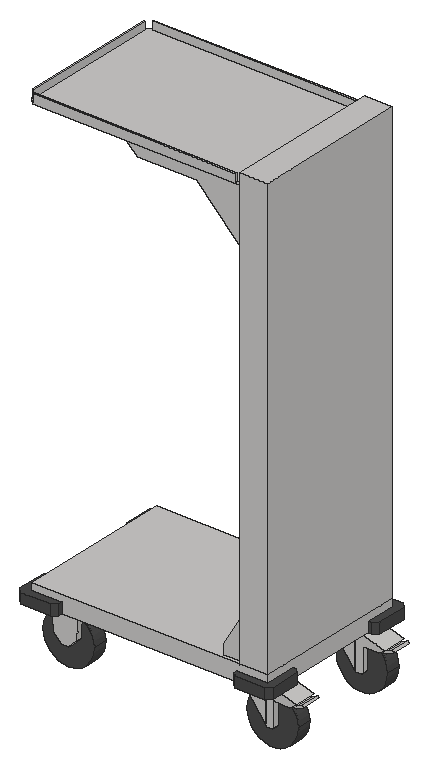
Revit family "QF_ZANUSSI_865136_HSTL1200", category Attrezzature speciali, Revit 2020
Family settings
  Quota connettore circolare = Usa diametro
  Tipo di parte = Normale
  Basato su piano di lavoro = No
  Sempre verticale = Sì
  Taglio con vuoti quando caricato = No
  Condiviso = No
  Punto di calcolo locali = No
Parameters (values of type "Standard")
  Weight = 0.00 kg
  Watts = 0 W
  Volts = 0 V
  URL Manufacturer = ""
  URL = ""
  Steam Supply Size = 0 mm
  Steam Supply Minimum Pressure = 0.0 Pa
  Steam Supply Maximum Pressure = 0.0 Pa
  Steam Consumption per Hour = 0
  Show Clearance [instance] = yes
  Refrigeration Suction Line Size = 0 mm
  Refrigeration Liquid Line Size = 0 mm
  Refrigerant Compressor Remote = yes
  Prospetto di default = 0 mm
  Manufacturer = ""
  Phase = 0
  Model = ""
  Length Actual = 438 mm  # constant formula
  Item Number = ""
  Hot Water Size = 0 mm
  Height Actual = 1300 mm  # constant formula
  HP = ""
  Gas Size = 0 mm
  Gas KW = 0
  Gas Input Pressure = 0 W
  Direct Waste Size = 0 mm
  Description = ""
  Depth Actual = 643 mm  # constant formula
  Cycle = 0 Hz
  Condensate Return Size = 0 mm
  Compressed Air Volume = 0.0 L/s
  Compressed Air Size = 0 mm
  Compressed Air Pressure = 0.0 Pa
  Cold Water Size = 0 mm
  Accessory = yes
Reference planes
  plane 1 "Back": y = 0
  plane 2: z = 0
  plane 3 "FRONT": y = -438
  plane 4 "LEFT": x = -126
  plane 5 "RIGHT": x = 517
  plane 6: x = 195.5
  plane 7 "Centro Avanti/Indietro": y = -219
  plane 8: z = 1300
  plane 9: z = 650
  plane 10: z = 1291.563
  plane 11: z = 1268
  plane 12: z = 1272
Forms (mm)
  Extrusion 1, solid, material "QF_Finishes_Stainless Steel"
    sketch origin (0, 0, 0) x (1, 0, 0) y (0, 1, 0)
      loop
        line (425.047, -21.163) -> (425.047, -416.837) -> (494.223, -416.837) -> (494.223, -21.163) -> (425.047, -21.163)
    from 183.831 to 1300
  Extrusion 2, solid, material "QF_Finishes_Stainless Steel"
    sketch origin (-2.5, 0, 0) x (1, 0, 0) y (0, 1, 0)
      loop
        line (-100.723, -21.163) -> (-100.723, -416.837) -> (496.723, -416.837) -> (496.723, -21.163) -> (-100.723, -21.163)
    from 140.865 to 183.831
  Extrusion 3, solid, material "QF_Finishes_Black"
    sketch origin (0, 0, 0) x (1, 0, 0) y (0, 1, 0)
      loop
        line (-112.875, 0) -> (-126, -13.125) -> (-126, -87.5) -> (-113.5, -100) -> (-103.223, -100) -> (-103.223, -21.163) -> (-26, -21.163) -> (-26, -11.25) -> (-37.25, 0) -> (-112.875, 0)
    from 140.865 to 167.144
  Extrusion 4, solid, material "QF_Finishes_Black"
    sketch origin (391, 0, 0) x (-1, 0, 0) y (0, -1, 0)
      loop
        line (-112.875, 0) -> (-37.25, 0) -> (-26, 11.25) -> (-26, 21.163) -> (-103.223, 21.163) -> (-103.223, 100) -> (-113.5, 100) -> (-126, 87.5) -> (-126, 13.125) -> (-112.875, 0)
    from 140.865 to 167.144
  Extrusion 5, solid, material "QF_Finishes_Black"
    sketch origin (0, -438, 0) x (1, 0, 0) y (0, 1, 0)
      loop
        line (-112.875, 0) -> (-37.25, 0) -> (-26, 11.25) -> (-26, 21.163) -> (-103.223, 21.163) -> (-103.223, 100) -> (-113.5, 100) -> (-126, 87.5) -> (-126, 13.125) -> (-112.875, 0)
    from 140.865 to 167.144
  Extrusion 6, solid, material "QF_Finishes_Black"
    sketch origin (391, -438, 0) x (-1, 0, 0) y (0, -1, 0)
      loop
        line (-112.875, 0) -> (-126, -13.125) -> (-126, -87.5) -> (-113.5, -100) -> (-103.223, -100) -> (-103.223, -21.163) -> (-26, -21.163) -> (-26, -11.25) -> (-37.25, 0) -> (-112.875, 0)
    from 140.865 to 167.144
  Extrusion 7, solid, material "QF_Finishes_Stainless Steel"
    sketch origin (0, 0, 0) x (1, 0, 0) y (0, 1, 0)
      loop
        line (415.695, -31.163) -> (-103.223, -31.163) -> (-116, -43.94) -> (-116, -399.703) -> (-103.223, -412.48) -> (412.552, -412.48) -> (425.047, -399.985) -> (425.047, -40.515) -> (415.695, -31.163)
    from 1268 to 1291.563
  Extrusion 8, solid, material "QF_Finishes_Stainless Steel"
    sketch origin (0, 250, 0) x (-1, 0, 0) y (0, 0, 1)
      loop
        line (-95.5, 1265.815) -> (-425.047, 1265.815) -> (-425.047, 1076.268) -> (-284.391, 1216.924) -> (-134.391, 1216.924) -> (-95.5, 1255.815) -> (-95.5, 1265.815)
    from -323.542 to -310
  Extrusion 9, solid, material "QF_Finishes_Stainless Steel"
    sketch origin (0, 250, 0) x (-1, 0, 0) y (0, 0, 1)
      loop
        line (-375.047, 183.831) -> (-375.047, 208.831) -> (-421.4, 285.976) -> (-425.047, 285.976) -> (-425.047, 183.831) -> (-375.047, 183.831)
    from -287.648 to -282.11
  Extrusion 10, solid, material "QF_Finishes_Stainless Steel"
    sketch origin (0, -688, 0) x (-1, 0, 0) y (0, 0, -1)
      loop
        line (-95.5, -1268) -> (-95.5, -1255.815) -> (-134.391, -1216.924) -> (-284.391, -1216.924) -> (-425.047, -1076.268) -> (-425.047, -1268) -> (-95.5, -1268)
    from -323.542 to -310
  Extrusion 11, solid, material "QF_Finishes_Stainless Steel"
    sketch origin (0, -688, 0) x (-1, 0, 0) y (0, 0, -1)
      loop
        line (-375.047, -183.831) -> (-425.047, -183.831) -> (-425.047, -285.976) -> (-421.4, -285.976) -> (-375.047, -208.831) -> (-375.047, -183.831)
    from -287.648 to -282.11
  Extrusion 12, solid, material "QF_Finishes_Stainless Steel"
    sketch origin (0, 252.5, 0) x (-1, 0, 0) y (0, 0, 1)
      loop
        line (71.644, 140.865) -> (3.871, 140.865) -> (8.595, 73.298) -> (28.382, 53.511) -> (47.132, 53.511) -> (66.919, 73.298) -> (71.644, 140.865)
    from -644.885 to -633
  Extrusion 13, solid, material "QF_Finishes_Stainless Steel"
    sketch origin (0, 252.5, 0) x (-1, 0, 0) y (0, 0, 1)
      loop
        line (-407, 140.865) -> (-469.711, 140.865) -> (-469.711, 52.645) -> (-407, 135.865) -> (-407, 140.865)
    from -644.885 to -633
  Extrusion 14, solid, material "QF_Finishes_Stainless Steel"
    sketch origin (0, 250, 0) x (-1, 0, 0) y (0, 0, 1)
      loop
        line (-469.711, 52.645) -> (-469.711, 140.865) -> (-488.079, 140.865) -> (-546.553, 122.988) -> (-531.782, 112.645) -> (-491.782, 112.645) -> (-491.782, 52.645) -> (-488.246, 49.109) -> (-473.246, 49.109) -> (-469.711, 52.645)
    from -642.385 to -583.643
  Extrusion 15, solid, material "QF_Finishes_Stainless Steel"
    sketch origin (0, 250, 0) x (-1, 0, 0) y (0, 0, 1)
      loop
        line (-535.479, 115.234) -> (-543.494, 120.846) -> (-545.533, 118.807) -> (-561.019, 126.028) -> (-563.519, 121.698) -> (-546.199, 111.698) -> (-539.015, 111.698) -> (-535.479, 115.234)
    from -637.031 to -590
  Extrusion 16, solid, material "QF_Finishes_Stainless Steel"
    sketch origin (0, -978.528, 0) x (-1, 0, 0) y (0, 0, -1)
      loop
        line (71.644, -140.865) -> (66.919, -73.298) -> (47.132, -53.511) -> (28.382, -53.511) -> (8.595, -73.298) -> (3.871, -140.865) -> (71.644, -140.865)
    from -644.885 to -633
  Extrusion 17, solid, material "QF_Finishes_Stainless Steel"
    sketch origin (0, -978.528, 0) x (-1, 0, 0) y (0, 0, -1)
      loop
        line (-407, -140.865) -> (-407, -135.865) -> (-469.711, -52.645) -> (-469.711, -140.865) -> (-407, -140.865)
    from -644.885 to -633
  Extrusion 18, solid, material "QF_Finishes_Stainless Steel"
    sketch origin (0, -695.5, 0) x (-1, 0, 0) y (0, 0, -1)
      loop
        line (71.644, -140.865) -> (66.919, -73.298) -> (47.132, -53.511) -> (28.382, -53.511) -> (8.595, -73.298) -> (3.871, -140.865) -> (71.644, -140.865)
    from -644.885 to -633
  Extrusion 19, solid, material "QF_Finishes_Stainless Steel"
    sketch origin (0, -695.5, 0) x (-1, 0, 0) y (0, 0, -1)
      loop
        line (-407, -140.865) -> (-407, -135.865) -> (-469.711, -52.645) -> (-469.711, -140.865) -> (-407, -140.865)
    from -644.885 to -633
  Extrusion 20, solid, material "QF_Finishes_Stainless Steel"
    sketch origin (0, -693, 0) x (-1, 0, 0) y (0, 0, -1)
      loop
        line (-469.711, -52.645) -> (-473.246, -49.109) -> (-488.246, -49.109) -> (-491.782, -52.645) -> (-491.782, -112.645) -> (-531.782, -112.645) -> (-546.553, -122.988) -> (-488.079, -140.865) -> (-469.711, -140.865) -> (-469.711, -52.645)
    from -642.385 to -583.643
  Extrusion 21, solid, material "QF_Finishes_Stainless Steel"
    sketch origin (0, -693, 0) x (-1, 0, 0) y (0, 0, -1)
      loop
        line (-535.479, -115.234) -> (-539.015, -111.698) -> (-546.199, -111.698) -> (-563.519, -121.698) -> (-561.019, -126.028) -> (-545.533, -118.807) -> (-543.494, -120.846) -> (-535.479, -115.234)
    from -637.031 to -590
  Extrusion 22, solid, material "QF_Finishes_Stainless Steel"
    sketch origin (0, 535.528, 0) x (-1, 0, 0) y (0, 0, 1)
      loop
        line (71.644, 140.865) -> (3.871, 140.865) -> (8.595, 73.298) -> (28.382, 53.511) -> (47.132, 53.511) -> (66.919, 73.298) -> (71.644, 140.865)
    from -644.885 to -633
  Extrusion 23, solid, material "QF_Finishes_Stainless Steel"
    sketch origin (0, 535.528, 0) x (-1, 0, 0) y (0, 0, 1)
      loop
        line (-407, 140.865) -> (-469.711, 140.865) -> (-469.711, 52.645) -> (-407, 135.865) -> (-407, 140.865)
    from -644.885 to -633
  Extrusion 24, solid, material "QF_Finishes_Black"
    sketch origin (0, 250, 1.25) x (-1, 0, 0) y (0, 0, 1)
      loop
        circle (37.949, 63.776) r 65
    from -630.5 to -595.528
  Extrusion 25, solid, material "QF_Finishes_Black"
    sketch origin (441, 250, 1.25) x (1, 0, 0) y (0, 0, -1)
      loop
        circle (37.949, -63.776) r 65
    from -630.5 to -595.528
  Extrusion 26, solid, material "QF_Finishes_Black"
    sketch origin (0, -693, 1.25) x (-1, 0, 0) y (0, 0, -1)
      loop
        circle (37.949, -63.776) r 65
    from -630.5 to -595.528
  Extrusion 27, solid, material "QF_Finishes_Black"
    sketch origin (441, -693, 1.25) x (1, 0, 0) y (0, 0, 1)
      loop
        circle (37.949, 63.776) r 65
    from -630.5 to -595.528
  Extrusion 28, void
    sketch origin (441, -693, 1.25) x (1, 0, 0) y (0, 0, 1)
      loop
        circle (37.949, 63.776) r 65
    from -630.5 to -595.528
  Extrusion 29, void
    sketch origin (441, 250, 1.25) x (1, 0, 0) y (0, 0, -1)
      loop
        circle (37.949, -63.776) r 65
    from -630.5 to -595.528
  Extrusion 30, void
    sketch origin (0, 0, 0) x (1, 0, 0) y (0, 1, 0)
      loop
        line (414.038, -35.163) -> (-101.566, -35.163) -> (-101.566, -7.12) -> (-133.853, -45.597) -> (-112, -45.597) -> (-112, -398.046) -> (-132, -398.046) -> (-101.566, -428.48) -> (-101.566, -408.48) -> (410.895, -408.48) -> (410.895, -423.48) -> (430.335, -398.953) -> (421.047, -398.953) -> (421.047, -42.172) -> (436.047, -42.172) -> (414.038, -20.163) -> (414.038, -35.163)
    from 1272 to 1300
Cuts and joins
  Extrusion 28 cuts Extrusion 20
  Extrusion 29 cuts Extrusion 14
  Extrusion 30 cuts Extrusion 7
Dimensions and locks
  plane 5 "RIGHT" to plane 4 "LEFT" = 643 mm
  plane 4 "LEFT" to plane 5 "RIGHT" = 643 mm
  plane 3 "FRONT" to plane 1 "Back" = 438 mm
  plane 1 "Back" to plane 3 "FRONT" = 438 mm
  equal spacing: plane 4 "LEFT", plane 6, plane 5 "RIGHT"
  equal spacing: plane 3 "FRONT", plane 7 "Centro Avanti/Indietro", plane 1 "Back"
  equal spacing: plane 8, plane 9, plane 2
  plane 8 to plane 2 = 1300 mm
  locked: plane 12 to plane 11 at 4
  locked: plane 8 to plane 10 at 8.437
  plane 8 to plane 11 = 32 mm
  aligned and locked: level to plane 2
  aligned and locked: plane 8 to Extrusion 1
  aligned and locked: Extrusion 7 to plane 10
  aligned and locked: plane 11 to Extrusion 7
  aligned and locked: Extrusion 10 to cut or joined group of Extrusion 7, Extrusion 30
  aligned and locked: Extrusion 30 to plane 12
  aligned and locked: plane 8 to Extrusion 30
Automatic sketch dimensions
  plane 3 "FRONT" to Extrusion 1 sketch curve = 21.163 mm
  plane 5 "RIGHT" to Extrusion 1 sketch curve = 91.953 mm
  plane 5 "RIGHT" to Extrusion 1 sketch curve = 22.777 mm
  plane 1 "Back" to Extrusion 1 sketch curve = 21.163 mm
  plane 4 "LEFT" to Extrusion 2 sketch curve = 22.777 mm
  plane 5 "RIGHT" to Extrusion 2 sketch curve = 22.777 mm
  plane 3 "FRONT" to Extrusion 2 sketch curve = 21.163 mm
  plane 1 "Back" to Extrusion 2 sketch curve = 21.163 mm
  Extrusion 3 sketch curve to plane 4 "LEFT" = 0 mm
  plane 1 "Back" to Extrusion 3 sketch curve = 0 mm
  plane 4 "LEFT" to Extrusion 3 sketch curve = 12.5 mm
  plane 4 "LEFT" to Extrusion 3 sketch curve = 13.125 mm
  Extrusion 3 sketch curve to Extrusion 3 sketch curve = 10.277 mm
  Extrusion 3 sketch curve to Extrusion 3 sketch curve = 65.973 mm
  Extrusion 3 sketch curve to Extrusion 3 sketch curve = 11.25 mm
  plane 1 "Back" to Extrusion 3 sketch curve = 11.25 mm
  plane 1 "Back" to Extrusion 3 sketch curve = 13.125 mm
  Extrusion 3 sketch curve to Extrusion 3 sketch curve = 9.913 mm
  Extrusion 3 sketch curve to Extrusion 3 sketch curve = 66.337 mm
  Extrusion 3 sketch curve to Extrusion 3 sketch curve = 12.5 mm
  Extrusion 4 sketch curve to plane 5 "RIGHT" = 0 mm
  plane 1 "Back" to Extrusion 4 sketch curve = 0 mm
  Extrusion 4 sketch curve to plane 5 "RIGHT" = 12.5 mm
  Extrusion 4 sketch curve to plane 5 "RIGHT" = 13.125 mm
  Extrusion 4 sketch curve to Extrusion 4 sketch curve = 10.277 mm
  Extrusion 4 sketch curve to Extrusion 4 sketch curve = 65.973 mm
  Extrusion 4 sketch curve to Extrusion 4 sketch curve = 11.25 mm
  Extrusion 4 sketch curve to plane 1 "Back" = 11.25 mm
  Extrusion 4 sketch curve to plane 1 "Back" = 13.125 mm
  Extrusion 4 sketch curve to Extrusion 4 sketch curve = 9.913 mm
  Extrusion 4 sketch curve to Extrusion 4 sketch curve = 66.337 mm
  Extrusion 4 sketch curve to Extrusion 4 sketch curve = 12.5 mm
  Extrusion 5 sketch curve to plane 4 "LEFT" = 0 mm
  Extrusion 5 sketch curve to plane 3 "FRONT" = 0 mm
  Extrusion 5 sketch curve to plane 4 "LEFT" = 12.5 mm
  Extrusion 5 sketch curve to plane 4 "LEFT" = 13.125 mm
  Extrusion 5 sketch curve to Extrusion 5 sketch curve = 10.277 mm
  Extrusion 5 sketch curve to Extrusion 5 sketch curve = 65.973 mm
  Extrusion 5 sketch curve to Extrusion 5 sketch curve = 11.25 mm
  Extrusion 5 sketch curve to plane 3 "FRONT" = 11.25 mm
  Extrusion 5 sketch curve to plane 3 "FRONT" = 13.125 mm
  Extrusion 5 sketch curve to Extrusion 5 sketch curve = 9.913 mm
  Extrusion 5 sketch curve to Extrusion 5 sketch curve = 66.337 mm
  Extrusion 5 sketch curve to Extrusion 5 sketch curve = 12.5 mm
  Extrusion 6 sketch curve to plane 5 "RIGHT" = 0 mm
  Extrusion 6 sketch curve to plane 3 "FRONT" = 0 mm
  plane 5 "RIGHT" to Extrusion 6 sketch curve = 12.5 mm
  plane 5 "RIGHT" to Extrusion 6 sketch curve = 13.125 mm
  Extrusion 6 sketch curve to Extrusion 6 sketch curve = 10.277 mm
  Extrusion 6 sketch curve to Extrusion 6 sketch curve = 65.973 mm
  Extrusion 6 sketch curve to Extrusion 6 sketch curve = 11.25 mm
  plane 3 "FRONT" to Extrusion 6 sketch curve = 11.25 mm
  plane 3 "FRONT" to Extrusion 6 sketch curve = 13.125 mm
  Extrusion 6 sketch curve to Extrusion 6 sketch curve = 9.913 mm
  Extrusion 6 sketch curve to Extrusion 6 sketch curve = 66.337 mm
  Extrusion 6 sketch curve to Extrusion 6 sketch curve = 12.5 mm
  plane 4 "LEFT" to Extrusion 7 sketch curve = 10 mm
  Extrusion 7 sketch curve to Extrusion 7 sketch curve = 12.777 mm  (x4)
  plane 3 "FRONT" to Extrusion 7 sketch curve = 25.52 mm
  plane 5 "RIGHT" to Extrusion 7 sketch curve = 104.448 mm
  plane 1 "Back" to Extrusion 7 sketch curve = 31.163 mm
  plane 5 "RIGHT" to Extrusion 7 sketch curve = 101.305 mm
  plane 3 "FRONT" to Extrusion 7 sketch curve = 38.015 mm
  Extrusion 7 sketch curve to Extrusion 7 sketch curve = 12.495 mm
  Extrusion 7 sketch curve to Extrusion 7 sketch curve = 9.352 mm
  Extrusion 8 sketch curve to plane 8 = 34.185 mm
  plane 5 "RIGHT" to Extrusion 8 sketch curve = 91.953 mm
  plane 6 to Extrusion 8 sketch curve = 88.891 mm
  Extrusion 8 sketch curve to plane 6 = 61.109 mm
  Extrusion 8 sketch curve to Extrusion 8 sketch curve = 38.891 mm
  Extrusion 8 sketch curve to Extrusion 8 sketch curve = 10 mm
  Extrusion 8 sketch curve to plane 8 = 83.076 mm
  Extrusion 8 sketch curve to Extrusion 8 sketch curve = 189.547 mm
  plane 5 "RIGHT" to Extrusion 9 sketch curve = 91.953 mm
  Extrusion 9 sketch curve to Extrusion 9 sketch curve = 3.647 mm
  Extrusion 9 sketch curve to Extrusion 9 sketch curve = 50 mm
  level to Extrusion 9 sketch curve = 183.831 mm
  Extrusion 9 sketch curve to Extrusion 9 sketch curve = 25 mm
  Extrusion 9 sketch curve to Extrusion 9 sketch curve = 77.145 mm
  Extrusion 10 sketch curve to plane 8 = 32 mm
  plane 5 "RIGHT" to Extrusion 10 sketch curve = 91.953 mm
  plane 6 to Extrusion 10 sketch curve = 88.891 mm
  Extrusion 10 sketch curve to plane 6 = 61.109 mm
  Extrusion 10 sketch curve to Extrusion 10 sketch curve = 38.891 mm
  Extrusion 10 sketch curve to Extrusion 10 sketch curve = 12.185 mm
  Extrusion 10 sketch curve to plane 8 = 83.076 mm
  Extrusion 10 sketch curve to Extrusion 10 sketch curve = 191.732 mm
  plane 5 "RIGHT" to Extrusion 11 sketch curve = 91.953 mm
  Extrusion 11 sketch curve to Extrusion 11 sketch curve = 3.647 mm
  Extrusion 11 sketch curve to Extrusion 11 sketch curve = 50 mm
  level to Extrusion 11 sketch curve = 285.976 mm
  Extrusion 11 sketch curve to Extrusion 11 sketch curve = 77.145 mm
  Extrusion 11 sketch curve to Extrusion 11 sketch curve = 25 mm
  plane 4 "LEFT" to Extrusion 12 sketch curve = 122.129 mm
  Extrusion 12 sketch curve to Extrusion 12 sketch curve = 4.725 mm
  Extrusion 12 sketch curve to Extrusion 12 sketch curve = 19.787 mm  (x4)
  Extrusion 12 sketch curve to Extrusion 12 sketch curve = 18.75 mm
  plane 4 "LEFT" to Extrusion 12 sketch curve = 54.356 mm
  level to Extrusion 12 sketch curve = 53.511 mm
  Extrusion 12 sketch curve to Extrusion 12 sketch curve = 67.567 mm
  plane 5 "RIGHT" to Extrusion 13 sketch curve = 47.289 mm
  Extrusion 13 sketch curve to Extrusion 13 sketch curve = 62.711 mm
  level to Extrusion 13 sketch curve = 52.645 mm
  Extrusion 13 sketch curve to Extrusion 13 sketch curve = 83.22 mm
  Extrusion 13 sketch curve to Extrusion 13 sketch curve = 5 mm
  Extrusion 14 sketch curve to plane 5 "RIGHT" = 29.553 mm
  Extrusion 14 sketch curve to plane 5 "RIGHT" = 14.782 mm
  plane 5 "RIGHT" to Extrusion 14 sketch curve = 25.218 mm
  Extrusion 14 sketch curve to Extrusion 14 sketch curve = 3.536 mm  (x4)
  Extrusion 14 sketch curve to Extrusion 14 sketch curve = 3.703 mm
  Extrusion 14 sketch curve to Extrusion 14 sketch curve = 15 mm
  level to Extrusion 14 sketch curve = 49.109 mm
  Extrusion 14 sketch curve to Extrusion 14 sketch curve = 60 mm
  Extrusion 14 sketch curve to Extrusion 14 sketch curve = 10.343 mm
  Extrusion 14 sketch curve to Extrusion 14 sketch curve = 28.22 mm
  Extrusion 15 sketch curve to plane 5 "RIGHT" = 46.519 mm
  Extrusion 15 sketch curve to Extrusion 15 sketch curve = 2.5 mm
  Extrusion 15 sketch curve to Extrusion 15 sketch curve = 17.321 mm
  Extrusion 15 sketch curve to Extrusion 15 sketch curve = 0.665 mm
  Extrusion 15 sketch curve to Extrusion 15 sketch curve = 2.039 mm  (x2)
  Extrusion 15 sketch curve to Extrusion 15 sketch curve = 7.184 mm
  Extrusion 15 sketch curve to Extrusion 15 sketch curve = 3.536 mm  (x2)
  level to Extrusion 15 sketch curve = 111.698 mm
  Extrusion 15 sketch curve to Extrusion 15 sketch curve = 7.109 mm
  Extrusion 15 sketch curve to Extrusion 15 sketch curve = 2.891 mm
  plane 4 "LEFT" to Extrusion 16 sketch curve = 122.129 mm
  Extrusion 16 sketch curve to Extrusion 16 sketch curve = 4.725 mm
  Extrusion 16 sketch curve to Extrusion 16 sketch curve = 19.787 mm  (x3)
  Extrusion 16 sketch curve to Extrusion 16 sketch curve = 18.75 mm
  plane 4 "LEFT" to Extrusion 16 sketch curve = 54.356 mm
  level to Extrusion 16 sketch curve = 140.865 mm
  Extrusion 16 sketch curve to Extrusion 16 sketch curve = 67.567 mm
  Extrusion 16 sketch curve to Extrusion 16 sketch curve = 0 mm
  plane 5 "RIGHT" to Extrusion 17 sketch curve = 47.289 mm
  Extrusion 17 sketch curve to Extrusion 17 sketch curve = 62.711 mm
  level to Extrusion 17 sketch curve = 140.865 mm
  Extrusion 17 sketch curve to Extrusion 17 sketch curve = 5 mm
  level to Extrusion 17 sketch curve = 52.645 mm
  plane 4 "LEFT" to Extrusion 18 sketch curve = 122.129 mm
  Extrusion 18 sketch curve to Extrusion 18 sketch curve = 4.725 mm
  Extrusion 18 sketch curve to Extrusion 18 sketch curve = 19.787 mm  (x3)
  Extrusion 18 sketch curve to Extrusion 18 sketch curve = 18.75 mm
  plane 4 "LEFT" to Extrusion 18 sketch curve = 54.356 mm
  level to Extrusion 18 sketch curve = 140.865 mm
  Extrusion 18 sketch curve to Extrusion 18 sketch curve = 67.567 mm
  Extrusion 18 sketch curve to Extrusion 18 sketch curve = 0 mm
  plane 5 "RIGHT" to Extrusion 19 sketch curve = 47.289 mm
  Extrusion 19 sketch curve to Extrusion 19 sketch curve = 62.711 mm
  level to Extrusion 19 sketch curve = 140.865 mm
  Extrusion 19 sketch curve to Extrusion 19 sketch curve = 5 mm
  level to Extrusion 19 sketch curve = 52.645 mm
  Extrusion 20 sketch curve to plane 5 "RIGHT" = 29.553 mm
  Extrusion 20 sketch curve to plane 5 "RIGHT" = 14.782 mm
  plane 5 "RIGHT" to Extrusion 20 sketch curve = 25.218 mm
  Extrusion 20 sketch curve to Extrusion 20 sketch curve = 3.536 mm  (x3)
  Extrusion 20 sketch curve to Extrusion 20 sketch curve = 3.703 mm
  Extrusion 20 sketch curve to Extrusion 20 sketch curve = 15 mm
  level to Extrusion 20 sketch curve = 140.865 mm
  Extrusion 20 sketch curve to Extrusion 20 sketch curve = 17.877 mm
  Extrusion 20 sketch curve to Extrusion 20 sketch curve = 10.343 mm
  level to Extrusion 20 sketch curve = 52.645 mm
  Extrusion 20 sketch curve to Extrusion 20 sketch curve = 0 mm
  Extrusion 21 sketch curve to plane 5 "RIGHT" = 46.519 mm
  Extrusion 21 sketch curve to Extrusion 21 sketch curve = 2.5 mm
  Extrusion 21 sketch curve to Extrusion 21 sketch curve = 17.321 mm
  Extrusion 21 sketch curve to Extrusion 21 sketch curve = 0.665 mm
  Extrusion 21 sketch curve to Extrusion 21 sketch curve = 2.039 mm  (x2)
  Extrusion 21 sketch curve to Extrusion 21 sketch curve = 7.184 mm
  Extrusion 21 sketch curve to Extrusion 21 sketch curve = 3.536 mm  (x2)
  level to Extrusion 21 sketch curve = 126.028 mm
  Extrusion 21 sketch curve to Extrusion 21 sketch curve = 4.33 mm
  Extrusion 21 sketch curve to Extrusion 21 sketch curve = 9.148 mm
  plane 4 "LEFT" to Extrusion 22 sketch curve = 122.129 mm
  Extrusion 22 sketch curve to Extrusion 22 sketch curve = 4.725 mm
  Extrusion 22 sketch curve to Extrusion 22 sketch curve = 19.787 mm  (x4)
  Extrusion 22 sketch curve to Extrusion 22 sketch curve = 18.75 mm
  plane 4 "LEFT" to Extrusion 22 sketch curve = 54.356 mm
  level to Extrusion 22 sketch curve = 53.511 mm
  Extrusion 22 sketch curve to Extrusion 22 sketch curve = 67.567 mm
  plane 5 "RIGHT" to Extrusion 23 sketch curve = 47.289 mm
  Extrusion 23 sketch curve to Extrusion 23 sketch curve = 62.711 mm
  level to Extrusion 23 sketch curve = 52.645 mm
  Extrusion 23 sketch curve to Extrusion 23 sketch curve = 83.22 mm
  Extrusion 23 sketch curve to Extrusion 23 sketch curve = 5 mm
  plane 4 "LEFT" to Extrusion 24 sketch curve = 88.051 mm
  level to Extrusion 24 sketch curve = 65.026 mm
  plane 5 "RIGHT" to Extrusion 25 sketch curve = 38.051 mm
  level to Extrusion 25 sketch curve = 65.026 mm
  plane 4 "LEFT" to Extrusion 26 sketch curve = 88.051 mm
  level to Extrusion 26 sketch curve = 65.026 mm
  plane 5 "RIGHT" to Extrusion 27 sketch curve = 38.051 mm
  level to Extrusion 27 sketch curve = 65.026 mm
  plane 5 "RIGHT" to Extrusion 28 sketch curve = 38.051 mm
  level to Extrusion 28 sketch curve = 65.026 mm
  plane 5 "RIGHT" to Extrusion 29 sketch curve = 38.051 mm
  level to Extrusion 29 sketch curve = 65.026 mm
  Extrusion 30 sketch curve to plane 4 "LEFT" = 7.853 mm
  Extrusion 30 sketch curve to plane 4 "LEFT" = 6 mm
  plane 4 "LEFT" to Extrusion 30 sketch curve = 14 mm
  Extrusion 30 sketch curve to Extrusion 30 sketch curve = 10.434 mm  (x4)
  plane 3 "FRONT" to Extrusion 30 sketch curve = 14.52 mm
  plane 5 "RIGHT" to Extrusion 30 sketch curve = 106.105 mm
  plane 1 "Back" to Extrusion 30 sketch curve = 35.163 mm
  plane 5 "RIGHT" to Extrusion 30 sketch curve = 102.962 mm
  Extrusion 30 sketch curve to Extrusion 30 sketch curve = 10.152 mm
  plane 3 "FRONT" to Extrusion 30 sketch curve = 39.047 mm
  Extrusion 30 sketch curve to Extrusion 30 sketch curve = 9.288 mm
  Extrusion 30 sketch curve to Extrusion 30 sketch curve = 15 mm
  plane 3 "FRONT" to Extrusion 30 sketch curve = 9.52 mm
  Extrusion 30 sketch curve to Extrusion 30 sketch curve = 9.527 mm
  Extrusion 30 sketch curve to Extrusion 30 sketch curve = 7.009 mm
  plane 1 "Back" to Extrusion 30 sketch curve = 7.12 mm
  plane 1 "Back" to Extrusion 30 sketch curve = 20.163 mm
  radius of Extrusion 24 sketch curve = 65 mm
  radius of Extrusion 25 sketch curve = 65 mm
  radius of Extrusion 26 sketch curve = 65 mm
  radius of Extrusion 27 sketch curve = 65 mm
  radius of Extrusion 28 sketch curve = 65 mm
  radius of Extrusion 29 sketch curve = 65 mm
